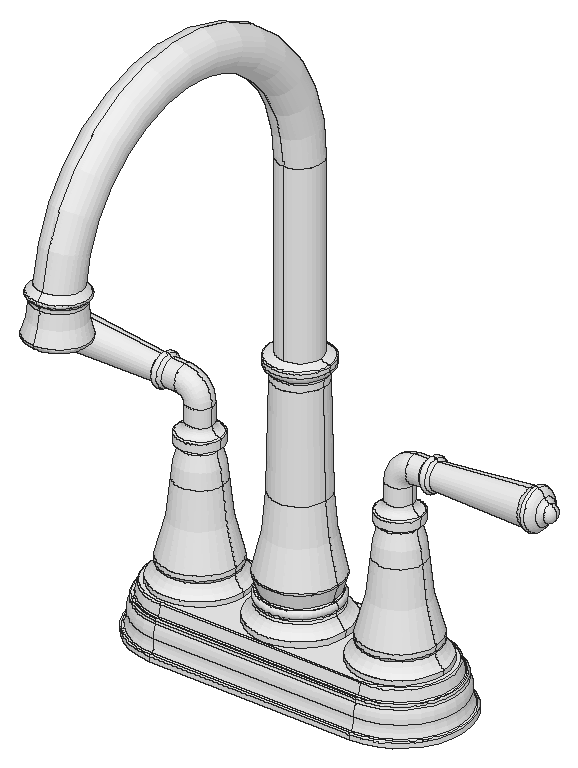
Revit family "xFaucet-Two_Handle-American_Standard-Delancey-4279.400", category Plumbing Fixtures, Revit 2014
Parameters (values of type "4279.400")
  Waste Connection = no
  WFU = 0
  Vent Connection = no
  URL = "http://www.americanstandard-us.com"
  Product Page URL = "https://www.americanstandard-us.com/kitchens/kitchen-faucets/delancey-centerset-bar-sink-faucet-30833"
  Product Documentation Link = "https://www.americanstandard-us.com/-/media/sites/asus/files/product-specs/kitchen-faucets/2017/specsheet-4279400.pdf?la=en"
  Price = "Prices may vary. Please consult Manufacturer Representative for most up-to-date price list."  # constant formula
  Model = "4279.400"
  Material = "Metal-American Standard-002-Polished Chrome"
  Manufacturer = "American Standard"  # constant formula
  Length = 6 1/2"  # constant formula
  Installation Type = "Deck Mounted"  # constant formula
  Hot Water Connection Diameter = 1/2"  # constant formula
  Height = 12 5/8"  # constant formula
  HWFU = 1.5
  HW Connection = yes
  Flow Rate = "1.5 gpm (5.7L/min)"  # constant formula
  Finish = Metal-American Standard-002-Polished Chrome
  Description = "Delancey Two-Handle Centerset Bar Sink Faucet"  # constant formula
  Default Elevation = 0"
  Creation Date = "05/18/2017"  # constant formula
  Cold Water Connection Diameter = 1/2"  # constant formula
  CWFU = 1.5
  CW Connection = yes
  Assembly Code = "D2020300"
  ADA Compliant = yes
Reference planes
  plane 1 "Center (Front/Back)": y = 0
  plane 2: z = 0
  plane 3 "Center (Left/Right)": x = 0
  plane 4: y = -153.988
  plane 5: z = 320.675
  plane 6: z = 219.075
  plane 7: z = 125.412
  plane 8: x = 50.8
  plane 9: z = 23.259
  plane 10: x = 82.55
  plane 11: x = -82.55
  plane 12: y = 31.75
  plane 13: y = -31.75
  plane 14: x = -50.8
  plane 15: x = 130.175
  plane 16: x = -130.175
Forms (mm)
  Revolve 1, solid, material "Metal-American Standard-002-Polished Chrome" <- "Finish"
    sketch origin (0, 0, -11.157) x (1, 0, 0) y (0, 0, 1)
      loop
        line (10.238, 156.521) -> (0, 156.521) -> (0, 34.416) -> (23.491, 34.416) -> (23.491, 37.13)
        arc (23.491, 37.13) -> (20.668, 39.417) -> (18.833, 42.553) r 10.132
        line (18.833, 42.553) -> (18.421, 43.688)
        arc (18.421, 43.688) -> (18.385, 44.156) -> (18.599, 44.575) r 0.869
        arc (18.599, 44.575) -> (19.211, 46.425) -> (18.218, 48.101) r 2.353
        line (18.218, 48.101) -> (17.422, 48.101)
        arc (17.422, 48.101) -> (17.077, 48.277) -> (17.016, 48.66) r 0.426
        line (17.016, 48.66) -> (19.301, 55.667)
        arc (19.301, 55.667) -> (19.37, 56.085) -> (19.312, 56.506) r 1.411
        arc (19.312, 56.506) -> (15.181, 74.476) -> (13.336, 92.821) r 146.776
        arc (13.336, 92.821) -> (12.617, 118.489) -> (12.377, 144.165) r 1374.025
        line (12.377, 144.165) -> (12.377, 147.584)
        arc (12.377, 147.584) -> (12.655, 148.543) -> (13.404, 149.204) r 1.791
        arc (13.404, 149.204) -> (14.705, 150.354) -> (15.189, 152.021) r 3.115
        line (15.189, 152.021) -> (15.189, 154.076)
        arc (15.189, 154.076) -> (15.077, 154.444) -> (14.777, 154.687) r 0.659
        line (14.777, 154.687) -> (10.238, 156.521)
      axis (0, 156.521) -> (0, 34.416)
    angle from 0 to 360
  Sweep 2, solid, material "Metal-American Standard-002-Polished Chrome" <- "Finish"
    path origin (0, 0, -91.581) x (0, 1, 0) y (0, 0, 1)
      loop
        line (0, 229.281) -> (0, 325.276)
        arc (0, 325.276) -> (-74.554, 401.808) -> (-153.011, 329.282) r 76.558
        line (-153.011, 329.282) -> (-153.988, 310.656)
    profile origin (0, 0, 185.697) x (0, -1, 0) y (1, 0, 0)
      loop
        circle (0, 0) r 10.436
  Revolve 3, solid, material "Metal-American Standard-002-Polished Chrome" <- "Finish"
    sketch origin (0, 71.883, 0.834) x (0, 0.999848, -0.017452) y (0, 0.017452, 0.999848)
      loop
        line (-229.645, 214.266) -> (-228.818, 237.959) -> (-239.466, 238.33) -> (-242.503, 235.293)
        arc (-242.503, 235.293) -> (-242.746, 234.772) -> (-242.597, 234.216) r 0.842
        line (-242.597, 234.216) -> (-241.852, 233.152)
        arc (-241.852, 233.152) -> (-241.337, 232.102) -> (-241.164, 230.946) r 3.803
        arc (-241.164, 230.946) -> (-241.988, 223.558) -> (-244.329, 216.502) r 35.57
        arc (-244.329, 216.502) -> (-244.252, 215.329) -> (-243.236, 214.74) r 1.248
        line (-243.236, 214.74) -> (-229.645, 214.266)
      axis (-229.645, 214.266) -> (-228.818, 237.959)
    angle from 0 to 360
  Sweep 4, solid, material "Metal-American Standard-002-Polished Chrome" <- "Finish"
    path origin (-50.8, 0, 9.806) x (1, 0, 0) y (0, 0, 1)
      loop
        line (101.6, 85.751) -> (101.6, 94.162)
        arc (101.6, 94.162) -> (103.889, 99.899) -> (109.498, 102.485) r 8.334
        line (109.498, 102.485) -> (116.354, 102.844)
    profile origin (50.8, 0, 99.762) x (-1, 0, 0) y (0, -1, 0)
      loop
        circle (0, 0) r 6.35
  Revolve 5, solid, material "Metal-American Standard-002-Polished Chrome" <- "Finish"
    sketch origin (-51.321, 0, 9.831) x (1, 0, 0) y (0, 0, 1)
      loop
        line (116.543, 109.161) -> (116.875, 102.82) -> (181.491, 106.206)
        arc (181.491, 106.206) -> (180.544, 108.737) -> (178.26, 110.183) r 4.242
        arc (178.26, 110.183) -> (176.67, 110.945) -> (175.52, 112.282) r 4.294
        arc (175.52, 112.282) -> (174.16, 114.059) -> (172.337, 115.356) r 7.499
        arc (172.337, 115.356) -> (171.4, 115.583) -> (170.459, 115.37) r 2.111
        line (170.459, 115.37) -> (168.101, 114.219) -> (121.543, 109.326) -> (120.438, 110.431)
        arc (120.438, 110.431) -> (119.126, 110.975) -> (117.813, 110.431) r 1.856
        line (117.813, 110.431) -> (116.543, 109.161)
      axis (116.875, 102.82) -> (181.491, 106.206)
    angle from 0 to 360
  Revolve 6, solid, material "Metal-American Standard-002-Polished Chrome" <- "Finish"
    sketch origin (-50.8, 0, 23.259) x (1, 0, 0) y (0, 0, 1)
      loop
        line (101.6, 0) -> (123.822, 0) -> (123.822, 2.247)
        arc (123.822, 2.247) -> (121.113, 5.031) -> (119.296, 8.464) r 13.678
        arc (119.296, 8.464) -> (119.699, 8.855) -> (119.847, 9.396) r 1.064
        line (119.847, 9.396) -> (119.847, 11.792)
        arc (119.847, 11.792) -> (115.22, 29.042) -> (113.252, 46.792) r 117.914
        arc (113.252, 46.792) -> (112.37, 54.126) -> (110.258, 61.205) r 43.458
        arc (110.258, 61.205) -> (109.681, 61.727) -> (108.916, 61.581) r 0.874
        line (108.916, 61.581) -> (111.365, 63.296) -> (112.322, 63.296) -> (112.322, 67.355)
        arc (112.322, 67.355) -> (112.169, 67.758) -> (111.788, 67.958) r 0.608
        arc (111.788, 67.958) -> (109.047, 69.401) -> (107.95, 72.297) r 4.372
        line (107.95, 72.297) -> (101.6, 72.297) -> (101.6, 0)
      axis (101.6, 0) -> (101.6, 72.297)
    angle from 0 to 360
  Sweep 7, solid, material "Metal-American Standard-002-Polished Chrome" <- "Finish"
    path origin (0, 0, 0) x (1, 0, 0) y (0, 1, 0)
      loop
        line (50.72, 31.75) -> (-50.72, 31.75)
        arc (-50.72, 31.75) -> (-82.47, 0) -> (-50.72, -31.75) r 31.75
        line (-50.72, -31.75) -> (50.72, -31.75)
        arc (50.72, -31.75) -> (82.47, 0) -> (50.72, 31.75) r 31.75
    profile origin (82.47, 0, 0) x (1, 0, 0) y (0, 0, 1)
      loop
        line (0, 0) -> (0, 2.305)
        arc (0, 2.305) -> (-0.206, 2.721) -> (-0.661, 2.81) r 0.524
        arc (-0.661, 2.81) -> (-1.191, 2.858) -> (-1.561, 3.241) r 0.762
        arc (-1.561, 3.241) -> (-2.444, 6.134) -> (-2.65, 9.151) r 13.295
        arc (-2.65, 9.151) -> (-2.868, 12.343) -> (-3.802, 15.403) r 14.072
        arc (-3.802, 15.403) -> (-3.973, 16.044) -> (-3.948, 16.707) r 2.232
        arc (-3.948, 16.707) -> (-4.055, 17.121) -> (-4.442, 17.303) r 0.503
        line (-4.442, 17.303) -> (-5.26, 17.303)
        arc (-5.26, 17.303) -> (-5.676, 17.452) -> (-5.901, 17.831) r 0.653
        line (-5.901, 17.831) -> (-6.857, 22.746)
        arc (-6.857, 22.746) -> (-7.076, 23.114) -> (-7.48, 23.259) r 0.635
        line (-7.48, 23.259) -> (-8.41, 23.259) -> (-8.41, 0) -> (0, 0)
  Extrusion 8, solid, material "Metal-American Standard-002-Polished Chrome" <- "Finish"
    sketch origin (0, 0, 0) x (1, 0, 0) y (0, 1, 0)
      loop
        arc (-50.72, 23.34) -> (-74.06, 0) -> (-50.72, -23.34) r 23.34
        line (-50.72, -23.34) -> (50.72, -23.34)
        arc (50.72, -23.34) -> (74.06, 0) -> (50.72, 23.34) r 23.34
        line (50.72, 23.34) -> (-50.72, 23.34)
    from 0 to 23.259
  Revolve 9, solid, material "Metal-American Standard-002-Polished Chrome" <- "Finish"
    sketch origin (50.8, 0, 23.259) x (-1, 0, 0) y (0, 0, -1)
      loop
        line (101.6, 0) -> (101.6, -72.297) -> (107.95, -72.297)
        arc (107.95, -72.297) -> (109.047, -69.401) -> (111.788, -67.958) r 4.372
        arc (111.788, -67.958) -> (112.169, -67.758) -> (112.322, -67.355) r 0.608
        line (112.322, -67.355) -> (112.322, -63.296) -> (111.365, -63.296) -> (108.916, -61.581)
        arc (108.916, -61.581) -> (109.681, -61.727) -> (110.258, -61.205) r 0.874
        arc (110.258, -61.205) -> (112.37, -54.126) -> (113.252, -46.792) r 43.458
        arc (113.252, -46.792) -> (115.22, -29.042) -> (119.847, -11.792) r 117.914
        line (119.847, -11.792) -> (119.847, -9.396)
        arc (119.847, -9.396) -> (119.699, -8.855) -> (119.296, -8.464) r 1.064
        arc (119.296, -8.464) -> (121.113, -5.031) -> (123.822, -2.247) r 13.678
        line (123.822, -2.247) -> (123.822, 0) -> (101.6, 0)
      axis (101.6, 0) -> (101.6, -72.297)
    angle from 0 to 360
  Extrusion 10, solid, material "Metal-American Standard-002-Polished Chrome" <- "Finish"
    sketch origin (0, 0, 0) x (1, 0, 0) y (0, 1, 0)
      loop
        circle (50.8, 0) r 6.35
      loop
        circle (-50.8, 0) r 6.35
    from 0 to 2.888
  Sweep 11, solid, material "Metal-American Standard-002-Polished Chrome" <- "Finish"
    path origin (50.8, 0, 9.806) x (-1, 0, 0) y (0, 0, -1)
      loop
        line (101.6, -85.751) -> (101.6, -94.162)
        arc (101.6, -94.162) -> (103.889, -99.899) -> (109.498, -102.485) r 8.334
        line (109.498, -102.485) -> (116.354, -102.844)
    profile origin (-50.8, 0, 99.762) x (-1, 0, 0) y (0, -1, 0)
      loop
        circle (0, 0) r 6.35
  Revolve 12, solid, material "Metal-American Standard-002-Polished Chrome" <- "Finish"
    sketch origin (51.321, 0, 9.831) x (-1, 0, 0) y (0, 0, -1)
      loop
        line (116.543, -109.161) -> (117.813, -110.431)
        arc (117.813, -110.431) -> (119.126, -110.975) -> (120.438, -110.431) r 1.856
        line (120.438, -110.431) -> (121.543, -109.326) -> (168.101, -114.219) -> (170.459, -115.37)
        arc (170.459, -115.37) -> (171.4, -115.583) -> (172.337, -115.356) r 2.111
        arc (172.337, -115.356) -> (174.16, -114.059) -> (175.52, -112.282) r 7.499
        arc (175.52, -112.282) -> (176.67, -110.945) -> (178.26, -110.183) r 4.294
        arc (178.26, -110.183) -> (180.544, -108.737) -> (181.491, -106.206) r 4.242
        line (181.491, -106.206) -> (116.875, -102.82) -> (116.543, -109.161)
      axis (116.875, -102.82) -> (181.491, -106.206)
    angle from 0 to 360
Cuts and joins
  joined: Revolve 1, Sweep 2, Revolve 3, Sweep 4, Revolve 5, Revolve 6, Sweep 7, Extrusion 8, Revolve 9, Sweep 11, Revolve 12
Lines and regions (mm)
  Masking region 1
    outline origin (0, 0, 0) x (1, 0, 0) y (0, 1, 0)
      loop
        line (50.72, 31.75) -> (-50.72, 31.75)
        arc (-50.72, 31.75) -> (-70.614, 24.744) -> (-81.729, 6.818) r 31.75
        line (-81.729, 6.818) -> (-117.207, 8.678) -> (-119.679, 9.727)
        arc (-119.679, 9.727) -> (-120.661, 9.881) -> (-121.599, 9.552) r 2.039
        arc (-121.599, 9.552) -> (-123.332, 8.061) -> (-124.634, 6.182) r 9.017
        arc (-124.634, 6.182) -> (-125.472, 5.078) -> (-126.631, 4.319) r 4.078
        arc (-126.631, 4.319) -> (-130.174, -0.161) -> (-126.41, -4.456) r 4.463
        arc (-126.41, -4.456) -> (-125.384, -5.196) -> (-124.634, -6.215) r 4.078
        arc (-124.634, -6.215) -> (-123.332, -8.094) -> (-121.599, -9.585) r 9.017
        arc (-121.599, -9.585) -> (-120.661, -9.914) -> (-119.679, -9.76) r 2.039
        line (-119.679, -9.76) -> (-117.207, -8.711) -> (-81.722, -6.851)
        arc (-81.722, -6.851) -> (-70.601, -24.755) -> (-50.72, -31.75) r 31.75
        line (-50.72, -31.75) -> (-10.436, -31.75) -> (-10.436, -143.333)
        arc (-10.436, -143.333) -> (0, -168.78) -> (10.436, -143.333) r 14.864
        line (10.436, -143.333) -> (10.436, -31.75) -> (50.72, -31.75)
        arc (50.72, -31.75) -> (70.601, -24.755) -> (81.722, -6.851) r 31.75
        line (81.722, -6.851) -> (117.207, -8.711) -> (119.679, -9.76)
        arc (119.679, -9.76) -> (120.661, -9.914) -> (121.599, -9.585) r 2.039
        arc (121.599, -9.585) -> (123.332, -8.094) -> (124.634, -6.215) r 9.017
        arc (124.634, -6.215) -> (125.384, -5.196) -> (126.41, -4.456) r 4.078
        arc (126.41, -4.456) -> (130.174, -0.161) -> (126.631, 4.319) r 4.463
        arc (126.631, 4.319) -> (125.472, 5.078) -> (124.634, 6.182) r 4.078
        arc (124.634, 6.182) -> (123.332, 8.061) -> (121.599, 9.552) r 9.017
        arc (121.599, 9.552) -> (120.661, 9.881) -> (119.679, 9.727) r 2.039
        line (119.679, 9.727) -> (117.207, 8.678) -> (81.729, 6.818)
        arc (81.729, 6.818) -> (70.614, 24.744) -> (50.72, 31.75) r 31.75
  symbolic lines, detail levels medium+fine
    curve 1: arc (-50.8, -6.35, 0) -> (-44.45, 0, 0) -> (-50.8, 6.35, 0) r 6.35
    curve 2: line (-50.8, 6.35, 0) -> (-66.069, 6.35, 0)
    curve 3: arc (-67.648, 7.733, 0) -> (-66.831, 7.072, 0) -> (-66.069, 6.35, 0) r 13.371
    curve 4: arc (-67.648, 7.733, 0) -> (-68.822, 8.039, 0) -> (-69.926, 7.534, 0) r 1.807
    curve 5: line (-69.926, 7.534, 0) -> (-71.075, 6.258, 0)
    curve 6: line (-81.731, 6.807, 0) -> (-71.075, 6.258, 0)
    curve 7: line (-50.8, -6.35, 0) -> (-66.069, -6.35, 0)
    curve 8: arc (-67.648, -7.733, 0) -> (-66.831, -7.072, 0) -> (-66.069, -6.35, 0) r 13.371
    curve 9: arc (-67.648, -7.733, 0) -> (-68.822, -8.039, 0) -> (-69.926, -7.534, 0) r 1.807
    curve 10: line (-69.926, -7.534, 0) -> (-71.075, -6.258, 0)
    curve 11: line (-81.731, -6.807, 0) -> (-71.075, -6.258, 0)
    curve 12: arc (-67.411, 7.552, 0) -> (-32.553, 0, 0) -> (-67.411, -7.552, 0) r 18.247
    curve 13: arc (-51.077, 27.83, 0) -> (-68.251, 21.893, 0) -> (-78.092, 6.619, 0) r 27.809
    curve 14: line (-51.077, 27.83, 0) -> (51.077, 27.83, 0)
    curve 15: line (-51.077, -27.789, 0) -> (-10.436, -27.789, 0)
    curve 16: line (10.436, -27.789, 0) -> (51.077, -27.789, 0)
    curve 17: arc (-10.436, 0, 0) -> (0, 10.436, 0) -> (10.436, 0, 0) r 10.436
    curve 18: line (-10.436, 0, 0) -> (-10.436, -31.75, 0)
    curve 19: line (10.436, -31.75, 0) -> (10.436, 0, 0)
    curve 20: arc (-10.436, -15.875, 0) -> (0, 19.474, 0) -> (10.436, -15.875, 0) r 19.215
    curve 21: arc (-78.083, -6.619, 0) -> (-68.234, -21.865, 0) -> (-51.077, -27.789, 0) r 27.809
    curve 22: line (-10.436, -143.333, 0) -> (-10.436, -153.799, 0)
    curve 23: line (10.436, -143.333, 0) -> (10.436, -153.799, 0)
    curve 24: arc (-10.436, -153.799, 0) -> (0, -164.236, 0) -> (10.436, -153.799, 0) r 10.436
    curve 25: spline (-66.075, 6.35, 0) -> (-65.989, 6.134, 0) -> (-65.909, 5.499, 0) -> (-65.84, 4.49, 0) -> (-65.787, 3.175, 0) -> (-65.754, 1.644, 0) -> (-65.743, 0, 0) -> (-65.754, -1.644, 0) -> (-65.787, -3.175, 0) -> (-65.84, -4.49, 0) -> (-65.909, -5.499, 0) -> (-65.989, -6.134, 0) -> (-66.075, -6.35, 0)
    curve 26: spline (-71.071, -6.253, 0) -> (-70.986, -6.04, 0) -> (-70.907, -5.415, 0) -> (-70.839, -4.422, 0) -> (-70.787, -3.127, 0) -> (-70.755, -1.618, 0) -> (-70.743, 0, 0) -> (-70.755, 1.618, 0) -> (-70.787, 3.127, 0) -> (-70.839, 4.422, 0) -> (-70.907, 5.415, 0) -> (-70.986, 6.04, 0) -> (-71.071, 6.253, 0)
    curve 36: arc (50.8, -6.35, 0) -> (44.45, 0, 0) -> (50.8, 6.35, 0) r 6.35
    curve 37: line (50.8, 6.35, 0) -> (66.069, 6.35, 0)
    curve 38: arc (67.648, 7.733, 0) -> (66.831, 7.072, 0) -> (66.069, 6.35, 0) r 13.371
    curve 39: arc (67.648, 7.733, 0) -> (68.822, 8.039, 0) -> (69.926, 7.534, 0) r 1.807
    curve 40: line (69.926, 7.534, 0) -> (71.075, 6.258, 0)
    curve 41: line (81.731, 6.807, 0) -> (71.075, 6.258, 0)
    curve 42: line (50.8, -6.35, 0) -> (66.069, -6.35, 0)
    curve 43: arc (67.648, -7.733, 0) -> (66.831, -7.072, 0) -> (66.069, -6.35, 0) r 13.371
    curve 44: arc (67.648, -7.733, 0) -> (68.822, -8.039, 0) -> (69.926, -7.534, 0) r 1.807
    curve 45: line (69.926, -7.534, 0) -> (71.075, -6.258, 0)
    curve 46: line (81.731, -6.807, 0) -> (71.075, -6.258, 0)
    curve 47: arc (67.411, 7.552, 0) -> (32.553, 0, 0) -> (67.411, -7.552, 0) r 18.247
    curve 48: arc (51.077, 27.83, 0) -> (68.251, 21.893, 0) -> (78.092, 6.619, 0) r 27.809
    curve 49: arc (78.083, -6.619, 0) -> (68.234, -21.865, 0) -> (51.077, -27.789, 0) r 27.809
    curve 50: spline (66.075, 6.35, 0) -> (65.989, 6.134, 0) -> (65.909, 5.499, 0) -> (65.84, 4.49, 0) -> (65.787, 3.175, 0) -> (65.754, 1.644, 0) -> (65.743, 0, 0) -> (65.754, -1.644, 0) -> (65.787, -3.175, 0) -> (65.84, -4.49, 0) -> (65.909, -5.499, 0) -> (65.989, -6.134, 0) -> (66.075, -6.35, 0)
    curve 51: spline (71.071, -6.253, 0) -> (70.986, -6.04, 0) -> (70.907, -5.415, 0) -> (70.839, -4.422, 0) -> (70.787, -3.127, 0) -> (70.755, -1.618, 0) -> (70.743, 0, 0) -> (70.755, 1.618, 0) -> (70.787, 3.127, 0) -> (70.839, 4.422, 0) -> (70.907, 5.415, 0) -> (70.986, 6.04, 0) -> (71.071, 6.253, 0)
    curve 56: spline (117.207, -8.729, 0) -> (117.089, -8.432, 0) -> (116.979, -7.563, 0) -> (116.885, -6.18, 0) -> (116.812, -4.377, 0) -> (116.767, -2.278, 0) -> (116.751, -0.026, 0) -> (116.767, 2.227, 0) -> (116.812, 4.326, 0) -> (116.885, 6.128, 0) -> (116.979, 7.512, 0) -> (117.089, 8.381, 0) -> (117.207, 8.678, 0)
    curve 57: spline (-117.207, -8.729, 0) -> (-117.089, -8.432, 0) -> (-116.979, -7.563, 0) -> (-116.885, -6.18, 0) -> (-116.812, -4.377, 0) -> (-116.767, -2.278, 0) -> (-116.751, -0.026, 0) -> (-116.767, 2.227, 0) -> (-116.812, 4.326, 0) -> (-116.885, 6.128, 0) -> (-116.979, 7.512, 0) -> (-117.089, 8.381, 0) -> (-117.207, 8.678, 0)
  symbolic lines, detail levels fine
    curve 27: arc (-59.439, 6.35, 0) -> (-40.078, 0, 0) -> (-59.439, -6.35, 0) r 10.722
    curve 28: arc (-72.107, 6.311, 0) -> (-28.578, 0, 0) -> (-72.107, -6.311, 0) r 22.222
    curve 29: arc (-51.069, 29.049, 0) -> (-69.276, 22.808, 0) -> (-79.824, 6.708, 0) r 29.677
    curve 30: arc (-80.112, -6.723, 0) -> (-69.774, -23.667, 0) -> (-51.069, -30.304, 0) r 29.677
    curve 31: line (-51.069, 29.049, 0) -> (51.069, 29.049, 0)
    curve 32: line (51.069, -30.304, 0) -> (10.436, -30.304, 0)
    curve 33: line (-10.436, -30.304, 0) -> (-51.069, -30.304, 0)
    curve 34: arc (10.436, -21.045, 0) -> (0, 23.491, 0) -> (-10.436, -21.045, 0) r 23.491
    curve 35: arc (-10.436, -11.025, 0) -> (0, 15.205, 0) -> (10.436, -11.025, 0) r 15.191
    curve 52: arc (59.439, 6.35, 0) -> (40.078, 0, 0) -> (59.439, -6.35, 0) r 10.722
    curve 53: arc (72.107, 6.311, 0) -> (28.578, 0, 0) -> (72.107, -6.311, 0) r 22.222
    curve 54: arc (51.069, 29.049, 0) -> (69.276, 22.808, 0) -> (79.824, 6.708, 0) r 29.677
    curve 55: arc (80.112, -6.723, 0) -> (69.774, -23.667, 0) -> (51.069, -30.304, 0) r 29.677
Dimensions and locks
  "Height": plane 5 to plane 2
  plane 6 to plane 2 = 8 5/8"
  plane 1 "Center (Front/Back)" to plane 4 = 6 1/16"
  "Length": plane 11 to plane 10
  plane 8 to plane 3 "Center (Left/Right)" = 2"
  plane 7 to level = 4 15/16"
  plane 15 to plane 8 = 3 1/8"
Automatic sketch dimensions
  Revolve 1 sketch curve to plane 3 "Center (Left/Right)" = 0"  (x2)
  Revolve 1 sketch curve to plane 9 = 0"
  plane 3 "Center (Left/Right)" to Revolve 1 sketch curve = 0.40307"
  Revolve 1 sketch curve to Revolve 1 sketch curve = 0.07231"
  Revolve 1 sketch curve to Revolve 1 sketch curve = 0.01189"
  Revolve 1 sketch curve to Revolve 1 sketch curve = 0.07052"
  Revolve 1 sketch curve to Revolve 1 sketch curve = 0.09669"
  Revolve 1 sketch curve to Revolve 1 sketch curve = 0.00971"
  Revolve 1 sketch curve to Revolve 1 sketch curve = 0.02593"
  plane 3 "Center (Left/Right)" to Revolve 1 sketch curve = 0.66423"
  Revolve 1 sketch curve to Revolve 1 sketch curve = 0.00571"
  Revolve 1 sketch curve to Revolve 1 sketch curve = 0.01596"
  Revolve 1 sketch curve to Revolve 1 sketch curve = 0.03712"
  Revolve 1 sketch curve to Revolve 1 sketch curve = 0.03137"
  Revolve 1 sketch curve to Revolve 1 sketch curve = 0.06099"
  plane 9 to Revolve 1 sketch curve = 0.32035"
  Revolve 1 sketch curve to Revolve 1 sketch curve = 0.01626"
  Revolve 1 sketch curve to Revolve 1 sketch curve = 0.03216"
  Revolve 1 sketch curve to Revolve 1 sketch curve = 0.05282"
  Revolve 1 sketch curve to Revolve 1 sketch curve = 0.18337"
  Revolve 1 sketch curve to Revolve 1 sketch curve = 0.35894"
  plane 15 to Revolve 1 sketch curve = 1.17461"
  plane 7 to Revolve 1 sketch curve = 0.29907"
  Revolve 1 sketch curve to Revolve 1 sketch curve = 48.28313"
  plane 9 to Revolve 1 sketch curve = 0.10684"
  Revolve 1 sketch curve to Revolve 1 sketch curve = 0.04467"
  Revolve 1 sketch curve to Revolve 1 sketch curve = 3/256"
  Revolve 1 sketch curve to Revolve 1 sketch curve = 0.09782"
  Revolve 1 sketch curve to Revolve 1 sketch curve = 0.07595"
  Revolve 1 sketch curve to Revolve 1 sketch curve = 0.01678"
  Revolve 1 sketch curve to Revolve 1 sketch curve = 0.27587"
  Revolve 1 sketch curve to Revolve 1 sketch curve = 0.01722"
  Revolve 1 sketch curve to plane 7 = 1.50642"
  Revolve 1 sketch curve to Revolve 1 sketch curve = 0.1346"
  Revolve 1 sketch curve to Revolve 1 sketch curve = 0.17468"
  Revolve 1 sketch curve to Revolve 1 sketch curve = 0.0809"
  Revolve 1 sketch curve to Revolve 1 sketch curve = 0.17714"
  Revolve 1 sketch curve to Revolve 1 sketch curve = 0"
  Revolve 1 sketch curve to level = 1.12674"
  plane 6 to Revolve 1 sketch curve = 0.24826"
  Sweep 2 sketch curve to plane 4 = 0"
  Sweep 2 sketch curve to plane 1 "Center (Front/Back)" = 0"
  Sweep 2 sketch curve to plane 6 = 0"
  Sweep 2 sketch curve to plane 4 = 0.03843"
  plane 6 to Sweep 2 sketch curve = 0.57557"
  Sweep 2 sketch curve to Sweep 2 sketch curve = 3.00997"
  plane 7 to Sweep 2 sketch curve = 0.48375"
  Sweep 2 sketch curve to profile plane = 0"  (x2)
  Revolve 3 sketch curve to plane 4 = 0"
  Revolve 3 sketch curve to plane 6 = 0"
  Revolve 3 sketch curve to Revolve 3 sketch curve = 0.38663"
  Revolve 3 sketch curve to Revolve 3 sketch curve = 0.09395"
  Revolve 3 sketch curve to Revolve 3 sketch curve = 0.00219"
  Revolve 3 sketch curve to Revolve 3 sketch curve = 3/128"
  Revolve 3 sketch curve to Revolve 3 sketch curve = 0.02714"
  Revolve 3 sketch curve to Revolve 3 sketch curve = 0.53335"
  Revolve 3 sketch curve to Revolve 3 sketch curve = 0.00171"
  Revolve 3 sketch curve to Revolve 3 sketch curve = 0.12264"
  Revolve 3 sketch curve to Revolve 3 sketch curve = 1.25063"
  Revolve 3 sketch curve to Revolve 3 sketch curve = 0.4192"
  Revolve 3 sketch curve to Revolve 3 sketch curve = 0.01868"
  Revolve 3 sketch curve to Revolve 3 sketch curve = 0.04909"
  Revolve 3 sketch curve to Revolve 3 sketch curve = 0.28977"
  Revolve 3 sketch curve to Revolve 3 sketch curve = 0.00788"
  Revolve 3 sketch curve to Revolve 3 sketch curve = 0.08588"
  Revolve 3 sketch curve to Revolve 3 sketch curve = 0.04189"
  Revolve 3 sketch curve to Revolve 3 sketch curve = 0.019"
  Revolve 3 sketch curve to Revolve 3 sketch curve = 0"  (x2)
  Revolve 3 sketch curve to Revolve 3 sketch curve = 0.10239"
  Revolve 3 sketch curve to Revolve 3 sketch curve = 0.00055"
  Revolve 3 sketch curve to Revolve 3 sketch curve = 2.93193"
  Sweep 4 sketch curve to plane 8 = 0"
  plane 8 to Sweep 4 sketch curve = 0.31095"
  plane 8 to Sweep 4 sketch curve = 21/64"
  Sweep 4 sketch curve to plane 7 = 0.84427"
  Sweep 4 sketch curve to Sweep 4 sketch curve = 0.26992"
  Sweep 4 sketch curve to Sweep 4 sketch curve = 0.33116"
  Sweep 4 sketch curve to Sweep 4 sketch curve = 0.01415"
  Sweep 4 sketch curve to profile plane = 0"
  profile plane to Sweep 4 sketch curve = 0"
  Revolve 5 sketch curve to plane 7 = 0.25279"
  plane 8 to Revolve 5 sketch curve = 0.56779"
  Revolve 5 sketch curve to plane 7 = 0.50245"
  Revolve 5 sketch curve to Revolve 5 sketch curve = 0.01308"
  Revolve 5 sketch curve to plane 7 = 0.20277"  (x2)
  Revolve 5 sketch curve to Revolve 5 sketch curve = 0.05002"
  Revolve 5 sketch curve to Revolve 5 sketch curve = 0.05167"  (x2)
  Revolve 5 sketch curve to Revolve 5 sketch curve = 0.04351"  (x2)
  Revolve 5 sketch curve to plane 7 = 0.05363"
  Revolve 5 sketch curve to plane 15 = 0.52737"
  Revolve 5 sketch curve to Revolve 5 sketch curve = 0.03348"
  Revolve 5 sketch curve to plane 7 = 0.00835"
  Revolve 5 sketch curve to Revolve 5 sketch curve = 0.09284"
  Revolve 5 sketch curve to Revolve 5 sketch curve = 0.03643"
  Revolve 5 sketch curve to plane 15 = 0.1671"
  Revolve 5 sketch curve to plane 15 = 0.0872"
  Revolve 5 sketch curve to plane 15 = 0.00019"
  Revolve 5 sketch curve to Revolve 5 sketch curve = 0.00566"
  Revolve 5 sketch curve to Revolve 5 sketch curve = 0.21867"
  Revolve 5 sketch curve to plane 7 = 0.08304"
  Revolve 5 sketch curve to plane 7 = 0.04836"
  Revolve 5 sketch curve to Revolve 5 sketch curve = 0"  (x4)
  plane 15 to Revolve 5 sketch curve = 0.45176"
  Revolve 5 sketch curve to plane 7 = 0.34544"
  Revolve 6 sketch curve to plane 8 = 0"  (x2)
  Revolve 6 sketch curve to plane 9 = 0"
  plane 3 "Center (Left/Right)" to Revolve 6 sketch curve = 0.74883"
  plane 8 to Revolve 6 sketch curve = 1/4"
  plane 8 to Revolve 6 sketch curve = 0.28805"
  Revolve 6 sketch curve to Revolve 6 sketch curve = 0.02081"
  Revolve 6 sketch curve to Revolve 6 sketch curve = 0.09639"
  Revolve 6 sketch curve to Revolve 6 sketch curve = 0.01374"
  Revolve 6 sketch curve to Revolve 6 sketch curve = 0.03768"
  Revolve 6 sketch curve to Revolve 6 sketch curve = 0.17211"
  Revolve 6 sketch curve to plane 10 = 0.5735"
  Revolve 6 sketch curve to Revolve 6 sketch curve = 0.04187"
  Revolve 6 sketch curve to plane 10 = 0.37514"
  Revolve 6 sketch curve to plane 10 = 0.0464"
  plane 15 to Revolve 6 sketch curve = 1.97326"
  plane 9 to Revolve 6 sketch curve = 0.08848"
  Revolve 6 sketch curve to Revolve 6 sketch curve = 0.28144"
  Revolve 6 sketch curve to Revolve 6 sketch curve = 0.09433"
  Revolve 6 sketch curve to Revolve 6 sketch curve = 0.05075"
  plane 9 to Revolve 6 sketch curve = 1.78297"
  plane 9 to Revolve 6 sketch curve = 2.0029"
  Revolve 6 sketch curve to Revolve 6 sketch curve = 0.55485"
  Revolve 6 sketch curve to Revolve 6 sketch curve = 0.02741"
  Revolve 6 sketch curve to Revolve 6 sketch curve = 0.0823"
  Revolve 6 sketch curve to Revolve 6 sketch curve = 0.15982"
  Revolve 6 sketch curve to Revolve 6 sketch curve = 0.19459"
  Revolve 6 sketch curve to Revolve 6 sketch curve = 0"
  Revolve 6 sketch curve to Revolve 6 sketch curve = 1/4"
  Revolve 6 sketch curve to plane 7 = 0.27178"
  plane 13 to Sweep 7 sketch curve = 0"
  Sweep 7 sketch curve to plane 12 = 0"
  Sweep 7 sketch curve to plane 14 = 0.00316"
  Sweep 7 sketch curve to plane 8 = 0.00316"
  Sweep 7 sketch curve to level = 0"
  profile plane to Sweep 7 sketch curve = 0"
  Sweep 7 sketch curve to Sweep 7 sketch curve = 0.02061"
  profile plane to Sweep 7 sketch curve = 0.03393"
  profile plane to Sweep 7 sketch curve = 0.06907"
  Sweep 7 sketch curve to Sweep 7 sketch curve = 0.1058"
  Sweep 7 sketch curve to Sweep 7 sketch curve = 0.03222"
  Sweep 7 sketch curve to Sweep 7 sketch curve = 0.02525"
  Sweep 7 sketch curve to Sweep 7 sketch curve = 0.03761"
  Sweep 7 sketch curve to Sweep 7 sketch curve = 0.02453"
  Sweep 7 sketch curve to Sweep 7 sketch curve = 0.03662"
  Sweep 7 sketch curve to Sweep 7 sketch curve = 0.32666"
  Sweep 7 sketch curve to profile plane = 0.41855"
  level to Sweep 7 sketch curve = 0.09074"
  Sweep 7 sketch curve to Sweep 7 sketch curve = 0.04882"
  level to Sweep 7 sketch curve = 0.33637"
  level to Sweep 7 sketch curve = 0.38557"
  Sweep 7 sketch curve to Sweep 7 sketch curve = 0.50186"
  Sweep 7 sketch curve to Sweep 7 sketch curve = 0.01999"
  Sweep 7 sketch curve to Sweep 7 sketch curve = 0.01979"
  Sweep 7 sketch curve to Sweep 7 sketch curve = 0.02081"
  Sweep 7 sketch curve to Sweep 7 sketch curve = 0.18871"
  Sweep 7 sketch curve to Sweep 7 sketch curve = 0.00477"
  Sweep 7 sketch curve to Sweep 7 sketch curve = 0"  (x4)
  plane 1 "Center (Front/Back)" to Extrusion 8 sketch curve = 0"
  Extrusion 8 sketch curve to plane 14 = 0.00316"
  Extrusion 8 sketch curve to plane 8 = 0.00316"
  plane 1 "Center (Front/Back)" to Extrusion 8 sketch curve = 0.9189"
  Revolve 9 sketch curve to plane 9 = 0"
  plane 14 to Revolve 9 sketch curve = 0"  (x2)
  Revolve 9 sketch curve to plane 3 "Center (Left/Right)" = 0.74883"
  plane 14 to Revolve 9 sketch curve = 1/4"
  plane 14 to Revolve 9 sketch curve = 0.28805"
  Revolve 9 sketch curve to Revolve 9 sketch curve = 0.02081"
  Revolve 9 sketch curve to Revolve 9 sketch curve = 0.09639"
  Revolve 9 sketch curve to Revolve 9 sketch curve = 0.01374"
  Revolve 9 sketch curve to Revolve 9 sketch curve = 0.03768"
  Revolve 9 sketch curve to Revolve 9 sketch curve = 0.17211"
  Revolve 9 sketch curve to plane 11 = 0.5735"
  Revolve 9 sketch curve to Revolve 9 sketch curve = 0.04187"
  Revolve 9 sketch curve to plane 11 = 0.37514"
  Revolve 9 sketch curve to plane 11 = 0.0464"
  plane 16 to Revolve 9 sketch curve = 1.97326"
  plane 9 to Revolve 9 sketch curve = 0.08848"
  Revolve 9 sketch curve to Revolve 9 sketch curve = 0.28144"
  Revolve 9 sketch curve to Revolve 9 sketch curve = 0.09433"
  Revolve 9 sketch curve to Revolve 9 sketch curve = 0.05075"
  plane 9 to Revolve 9 sketch curve = 1.78297"
  plane 9 to Revolve 9 sketch curve = 2.0029"
  Revolve 9 sketch curve to Revolve 9 sketch curve = 0.55485"
  Revolve 9 sketch curve to Revolve 9 sketch curve = 0.02741"
  Revolve 9 sketch curve to Revolve 9 sketch curve = 0.0823"
  Revolve 9 sketch curve to Revolve 9 sketch curve = 0.15982"
  Revolve 9 sketch curve to Revolve 9 sketch curve = 0.19459"
  Revolve 9 sketch curve to Revolve 9 sketch curve = 0"
  Revolve 9 sketch curve to plane 7 = 0.27178"
  Revolve 9 sketch curve to Revolve 9 sketch curve = 1/4"
  plane 1 "Center (Front/Back)" to Extrusion 10 sketch curve = 0"  (x2)
  Extrusion 10 sketch curve to plane 14 = 0"
  Extrusion 10 sketch curve to plane 8 = 0"
  plane 14 to Sweep 11 sketch curve = 0"
  plane 14 to Sweep 11 sketch curve = 0.31095"
  plane 14 to Sweep 11 sketch curve = 21/64"
  Sweep 11 sketch curve to plane 7 = 0.51659"
  Sweep 11 sketch curve to Sweep 11 sketch curve = 0.26992"
  Sweep 11 sketch curve to Sweep 11 sketch curve = 0.01415"
  Sweep 11 sketch curve to Sweep 11 sketch curve = 0.33116"
  Sweep 11 sketch curve to profile plane = 0"
  profile plane to Sweep 11 sketch curve = 0"
  Revolve 12 sketch curve to plane 7 = 0.25279"
  plane 14 to Revolve 12 sketch curve = 0.56779"
  Revolve 12 sketch curve to plane 7 = 0.50245"
  Revolve 12 sketch curve to Revolve 12 sketch curve = 0.01308"
  Revolve 12 sketch curve to plane 7 = 0.20277"  (x2)
  Revolve 12 sketch curve to Revolve 12 sketch curve = 0.05002"
  Revolve 12 sketch curve to Revolve 12 sketch curve = 0.05167"  (x2)
  Revolve 12 sketch curve to Revolve 12 sketch curve = 0.04351"  (x2)
  Revolve 12 sketch curve to plane 7 = 0.05363"
  Revolve 12 sketch curve to plane 16 = 0.52737"
  Revolve 12 sketch curve to Revolve 12 sketch curve = 0.03348"
  Revolve 12 sketch curve to plane 7 = 0.00835"
  Revolve 12 sketch curve to Revolve 12 sketch curve = 0.09284"
  Revolve 12 sketch curve to Revolve 12 sketch curve = 0.03643"
  Revolve 12 sketch curve to plane 16 = 0.1671"
  Revolve 12 sketch curve to plane 16 = 0.0872"
  Revolve 12 sketch curve to plane 16 = 0.00019"
  Revolve 12 sketch curve to plane 7 = 0.04836"
  Revolve 12 sketch curve to plane 7 = 0.08304"
  Revolve 12 sketch curve to Revolve 12 sketch curve = 0.18926"
  Revolve 12 sketch curve to Revolve 12 sketch curve = 0.00566"
  Revolve 12 sketch curve to Revolve 12 sketch curve = 0"  (x4)
  plane 16 to Revolve 12 sketch curve = 0.45176"
  Revolve 12 sketch curve to plane 7 = 0.34544"
  Masking region 1 sketch curve to Masking region 1 sketch curve = 0"  (x14)
  plane 1 "Center (Front/Back)" to Masking region 1 sketch curve = 0"  (x2)
  Masking region 1 sketch curve to plane 3 "Center (Left/Right)" = 0"
  Masking region 1 sketch curve to plane 3 "Center (Left/Right)" = 0.41089"
  Masking region 1 sketch curve to plane 14 = 0.00316"
  Masking region 1 sketch curve to plane 11 = 0.03261"
  Masking region 1 sketch curve to plane 11 = 0.03233"
  Masking region 1 sketch curve to plane 1 "Center (Front/Back)" = 0.07981"  (x2)
  Masking region 1 sketch curve to plane 16 = 0.53323"
  Masking region 1 sketch curve to Masking region 1 sketch curve = 0.02267"  (x4)
  Masking region 1 sketch curve to Masking region 1 sketch curve = 0.09735"  (x4)
  Masking region 1 sketch curve to Masking region 1 sketch curve = 0.03136"  (x4)
  plane 1 "Center (Front/Back)" to Masking region 1 sketch curve = 0.0019"  (x2)
  Masking region 1 sketch curve to plane 16 = 0.1757"
  Masking region 1 sketch curve to plane 16 = 0.07565"  (x2)
  plane 3 "Center (Left/Right)" to Masking region 1 sketch curve = 0.41089"
  Masking region 1 sketch curve to plane 8 = 0.00316"
  Masking region 1 sketch curve to plane 10 = 0.03261"
  Masking region 1 sketch curve to plane 10 = 0.03233"
  plane 1 "Center (Front/Back)" to Masking region 1 sketch curve = 0.08111"  (x2)
  Masking region 1 sketch curve to plane 15 = 0.53323"
  Masking region 1 sketch curve to plane 15 = 0.1757"
  Masking region 1 sketch curve to plane 15 = 0.07565"  (x2)
  plane 1 "Center (Front/Back)" to Masking region 1 sketch curve = 0.26972"  (x2)
  Masking region 1 sketch curve to Masking region 1 sketch curve = 0.22926"  (x4)
  Masking region 1 sketch curve to Masking region 1 sketch curve = 0.00829"  (x4)
  Masking region 1 sketch curve to Masking region 1 sketch curve = 0.03256"  (x4)
  Masking region 1 sketch curve to Masking region 1 sketch curve = 0.07388"  (x4)
  Masking region 1 sketch curve to plane 4 = 0.41947"
  Masking region 1 sketch curve to plane 4 = 0.00281"
  Masking region 1 sketch curve to plane 1 "Center (Front/Back)" = 0.26844"
  Masking region 1 sketch curve to Masking region 1 sketch curve = 0.06992"  (x2)
  curve 1 to curve 12 = 0"  (x2)
  curve 1 to curve 27 = 0"  (x2)
  curve 1 to curve 28 = 0"  (x2)
  curve 12 to curve 27 = 0"  (x2)
  curve 12 to curve 28 = 0"  (x2)
  curve 13 to curve 21 = 0"  (x2)
  curve 17 to curve 34 = 0"  (x2)
  curve 27 to curve 28 = 0"  (x2)
  curve 29 to curve 30 = 0"  (x2)
  curve 36 to curve 47 = 0"  (x2)
  curve 36 to curve 52 = 0"  (x2)
  curve 36 to curve 53 = 0"  (x2)
  curve 47 to curve 52 = 0"  (x2)
  curve 47 to curve 53 = 0"  (x2)
  curve 48 to curve 49 = 0"  (x2)
  curve 52 to curve 53 = 0"  (x2)
  curve 54 to curve 55 = 0"  (x2)
  plane 1 "Center (Front/Back)" to curve 26 = 0"
  plane 1 "Center (Front/Back)" to curve 25 = 0"
  curve 1 to plane 14 = 0"
  plane 1 "Center (Front/Back)" to curve 17 = 0"
  curve 24 to plane 3 "Center (Left/Right)" = 0"
  curve 20 to plane 3 "Center (Left/Right)" = 0"
  curve 34 to plane 3 "Center (Left/Right)" = 0"
  curve 35 to plane 3 "Center (Left/Right)" = 0"
  plane 1 "Center (Front/Back)" to curve 36 = 0"
  curve 36 to plane 8 = 0"
  plane 1 "Center (Front/Back)" to curve 50 = 0"
  plane 1 "Center (Front/Back)" to curve 51 = 0"
  plane 1 "Center (Front/Back)" to curve 12 = 0"
  plane 14 to curve 30 = 0.01057"
  curve 21 to plane 1 "Center (Front/Back)" = 0.0008"
  plane 14 to curve 21 = 0.01092"
  curve 2 to plane 1 "Center (Front/Back)" = 1/4"
  plane 14 to curve 2 = 0.60113"
  curve 7 to curve 2 = 0"
  curve 4 to curve 3 = 0.10222"
  curve 9 to curve 8 = 0.10222"
  curve 5 to plane 1 "Center (Front/Back)" = 0.2966"
  curve 5 to curve 4 = 0.04965"
  plane 1 "Center (Front/Back)" to curve 10 = 0.2966"
  curve 10 to curve 9 = 0.04965"
  curve 11 to curve 9 = 0.04523"
  curve 5 to curve 4 = 0.04523"
  plane 1 "Center (Front/Back)" to curve 3 = 0.11759"
  curve 3 to curve 10 = 0.17971"
  curve 8 to plane 1 "Center (Front/Back)" = 0.11759"
  curve 8 to curve 5 = 0.17971"
  curve 22 to plane 4 = 0.00742"
  curve 22 to plane 3 "Center (Left/Right)" = 0.41089"
  curve 18 to plane 3 "Center (Left/Right)" = 0.41089"
  plane 8 to curve 55 = 0.01057"
  plane 8 to curve 14 = 0.01092"
  plane 1 "Center (Front/Back)" to curve 42 = 1/4"
  curve 36 to curve 42 = 0.60113"
  curve 37 to curve 42 = 0"
  curve 43 to curve 44 = 0.10222"
  curve 38 to curve 39 = 0.10222"
  curve 40 to plane 1 "Center (Front/Back)" = 0.2966"
  curve 39 to curve 40 = 0.04965"
  plane 1 "Center (Front/Back)" to curve 45 = 0.2966"
  curve 44 to curve 45 = 0.04965"
  curve 39 to curve 40 = 0.04523"
  curve 44 to curve 45 = 0.04523"
  plane 1 "Center (Front/Back)" to curve 38 = 0.11759"
  curve 45 to curve 38 = 0.17971"
  curve 43 to plane 1 "Center (Front/Back)" = 0.11759"
  curve 40 to curve 43 = 0.17971"
  curve 32 to curve 42 = 0.94308"
  curve 33 to curve 7 = 0.94308"
  curve 33 to curve 15 = 0.09904"
  curve 32 to curve 16 = 0.09904"
  curve 9 to curve 10 = 0.05023"
  curve 44 to curve 45 = 0.05023"
  curve 9 to curve 9 = 0.05097"
  curve 45 to curve 44 = 0.05097"
  plane 1 "Center (Front/Back)" to curve 54 = 0.02471"
  plane 1 "Center (Front/Back)" to curve 30 = 0.02471"
  curve 35 to plane 1 "Center (Front/Back)" = 0.00054"
  curve 49 to plane 1 "Center (Front/Back)" = 0.0008"
  curve 35 to curve 20 = 0.00965"
  curve 4 to curve 4 = 0.05097"
  curve 39 to curve 39 = 0.05097"
  curve 41 to curve 39 = 0.05023"
  curve 6 to curve 4 = 0.05023"
  curve 36 to curve 14 = 0.84565"
  curve 14 to curve 31 = 0.04802"
  curve 7 to curve 27 = 0.26101"
  curve 25 to curve 2 = 0.00025"
  curve 9 to curve 12 = 0.00934"
  curve 26 to curve 25 = 0.19668"
  curve 28 to curve 5 = 0.04062"
  curve 28 to curve 10 = 0.04062"
  curve 21 to curve 3 = 0.09618"
  curve 6 to plane 11 = 0.03223"
  curve 11 to plane 11 = 0.03223"
  curve 57 to plane 16 = 0.51056"
  curve 52 to curve 37 = 0.26101"
  curve 37 to curve 50 = 0.00025"
  curve 47 to curve 44 = 0.00934"
  curve 51 to curve 40 = 0.00017"
  curve 40 to curve 53 = 0.04062"
  curve 45 to curve 53 = 0.04062"
  curve 38 to curve 49 = 0.09618"
  curve 46 to plane 10 = 0.03223"
  curve 41 to plane 10 = 0.03223"
  curve 56 to plane 15 = 0.51056"
  curve 23 to curve 23 = 0.41205"
  curve 24 to curve 22 = 0.41205"
  curve 18 to curve 33 = 0.05692"
  curve 19 to curve 32 = 0.05692"
  curve 16 to curve 34 = 0.26549"
  curve 34 to curve 20 = 0.20356"
  curve 20 to curve 35 = 0.19096"
  plane 1 "Center (Front/Back)" to curve 56 = 0.34366"
  plane 1 "Center (Front/Back)" to curve 57 = 0.34366"
  curve 43 to curve 50 = 0"
  curve 25 to curve 8 = 0"
  curve 10 to curve 26 = 0.00017"
  curve 45 to curve 51 = 0.00017"
  plane 1 "Center (Front/Back)" to curve 56 = 0.00101"
  plane 1 "Center (Front/Back)" to curve 57 = 0.00101"
  radius of Sweep 2 sketch curve = 0.41089"
  radius of Sweep 4 sketch curve = 1/4"
  radius of Extrusion 10 sketch curve = 1/4"  (x2)
  radius of Sweep 11 sketch curve = 1/4"
Connectors
  piping at (50.8, 0, 0), diameter 12.7, driven by "CWFU", driven by "Cold Water Connection Diameter"
    settings: on Extrusion 10, index 1, connector inside diameter 24", connector length 0", flow factor 0, pipe flow 0 GPM, pressure drop 0.00 psi, fitting loss kfactor 0, connector angle 0.00°, fixture units 1.5, engagement length 0", angle of deflection 0.00°, flow configuration 3, flow direction 1, fitting loss method 0, system type 20, joint type 0, gender type 0, connector reference index -1, connector utility 0, adjustable connector no, is connector primary yes, connector description "1/2\" CW Inlet Supply"
  piping at (-50.8, 0, 0), diameter 12.7, driven by "HWFU", driven by "Hot Water Connection Diameter"
    settings: on Extrusion 10, index 2, connector inside diameter 24", connector length 0", flow factor 0, pipe flow 0 GPM, pressure drop 0.00 psi, fitting loss kfactor 0, connector angle 0.00°, fixture units 1.5, engagement length 0", angle of deflection 0.00°, flow configuration 3, flow direction 1, fitting loss method 0, system type 19, joint type 0, gender type 0, connector reference index -1, connector utility 0, adjustable connector no, is connector primary no, connector description "1/2\" HW Inlet Supply"
